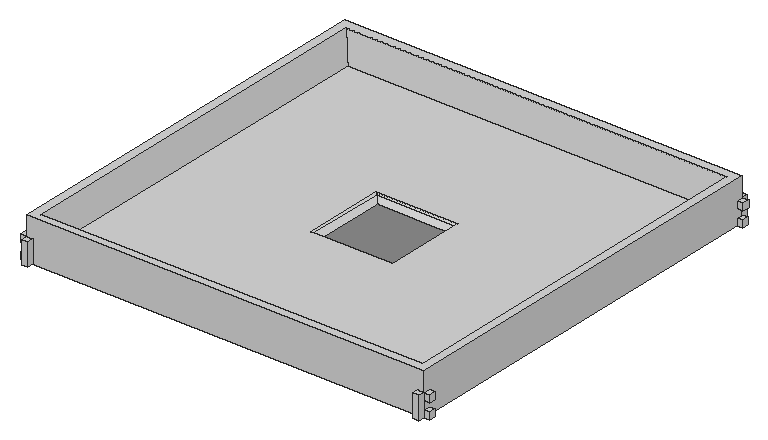
Revit family "BLOX", category Lighting Fixtures, host Face, Revit 2019
Family settings
  Host = Face
  Round Connector Dimension = Use Diameter
  Part Type = Normal
  OmniClass Number = 23.80.70.11
  OmniClass Title = Luminaries for Internal Lighting
  Cut with Voids When Loaded = No
  Light Source = Yes
  Shared = No
  Room Calculation Point = No
Parameters (values of type "PL18806-001A 4INCH FLD Flush AID FnRpt.ies")
  Wattage Comments = ""
  Wattage = 9.2903 W
  built-in parameter 1150110 = 1 (stored number, unit not read)
  Voltage = 120 V
  URL = "https://www.aronlighting.com/"
  Type Comments = ""
  Tye Mark = ""
  built-in parameter 1114217 = 1 (stored number, unit not read)
  Tilt Angle = 90.00°
  built-in parameter 1150109 = 1 (stored number, unit not read)
  built-in parameter 1150134 = 3
  built-in parameter 1150113 = 1 (stored number, unit not read)
  Photometric Web File = "PL18806-001A 4INCH FLD Flush AID FnRpt.ies"
  Phone = "(484) 681-5687"
  Number Of Pole = 1
  Model = "BLOX"  # constant formula
  Manufacturer = "ARON LIGHTING®"
  built-in parameter 1150105 = -397623.5 (stored number, unit not read)
  Lumens = 1380 lm
  built-in parameter 1150115 = 1 (stored number, unit not read)
  built-in parameter 1150137 = (empty or 0)
  built-in parameter 1150139 = (empty or 0)
  Light Box Width = 23.75"  # constant formula
  Light Box Length = 23.75"  # constant formula
  built-in parameter 1150112 = 1 (stored number, unit not read)
  built-in parameter 1150114 = 1 (stored number, unit not read)
  built-in parameter 1150132 = (empty or 0)
  built-in parameter 1150102 = (empty or 0)
  built-in parameter 1150107 = 3200 (stored number, unit not read)
  built-in parameter 1150138 = (empty or 0)
  Illuminated Surface Material = Light
  Lamp = ""
  Keynote = ""
  built-in parameter 1150106 = -3976.2 (stored number, unit not read)
  Housing Material = Standard
  Fax = ""
  Emit from Rectangle Width = 4.00"
  Emit from Rectangle Length = 4.00"
  Emit Shape Visible in Rendering = no
  built-in parameter 1150104 = 13.8 (stored number, unit not read)
  EMAIL = "info@aronlighting.com"
  Dimming Lamp Color Temperature Shift = <None>
  Description = ""
  Default Elevation = 48.00"
  Cost = 0
  Copyright = "© 2020 ARON Lighting"
  Color Filter = 16777215
  built-in parameter 1114218 = 1 (stored number, unit not read)
  built-in parameter 1150133 = 10 (stored number, unit not read)
  Assembly Code = ""
  Apparent Load = 3 VA
Types (3): name | Photometric Web File
  PL18806-001A 4INCH FLD Flush AID FnRpt.ies | "PL18806-001A 4INCH FLD Flush AID FnRpt.ies"
  PL18804-001A 2in FLD Regressed AID FnRpt | "PL18804-001A 2in FLD Regressed AID FnRpt.ies"
  PL18805-001A 4in FLD Regressed AID FnRpt | "PL18805-001A 4in FLD Regressed AID FnRpt.ies"
Reference planes (in)
  plane 1 "Center (Front/Back)": y = 0
  plane 2: z = 0
  plane 3 "Center (Left/Right)": x = -0.09552
  plane 4: x = -12.09552
  plane 5: x = 11.90448
  plane 6: y = -12
  plane 7: y = 12
Forms (in)
  Extrusion 1, void
    sketch origin (0, 0, 0) x (1, 0, 0) y (0, 1, 0)
      loop
        line (-12.07486, -11.97538) -> (11.87514, -11.97538) -> (11.87514, 11.97538) -> (-12.07486, 11.97538) -> (-12.07486, -11.97538)
    from -19.53718 to 0.76884
  Sweep 2, solid, material "Standard" <- "Housing Material"
    path origin (0, 0, 1.1) x (1, 0, 0) y (0, 1, 0)
      loop
        line (-11.36486, -11.26538) -> (11.16514, -11.26538) -> (11.16514, 11.26462) -> (-11.36486, 11.26462) -> (-11.36486, -11.26538)
    profile origin (-11.36486, -0.00038, 1.1) x (-1, 0, 0) y (0, 0, 1)
      loop
        line (0.235, 0) -> (-0.24447, 0) -> (-0.62878, -1.66464) -> (-8.905, -1.66464) -> (-8.98598, -1.74562) -> (-0.27801, -1.74562) -> (-0.1275, -1.0937) -> (-0.1275, -2.4) -> (0.235, -2.4) -> (0.235, 0)
  Extrusion 3, solid, material "Standard" <- "Housing Material"
    sketch origin (0, 0, 1.1) x (1, 0, 0) y (0, 1, 0)
      loop
        line (-11.94986, -11.13788) -> (-11.94986, -11.50038) -> (-11.59986, -11.50038) -> (-11.59986, -11.13788) -> (-11.94986, -11.13788)
    from -1.5 to -1.1
  Extrusion 4, solid, material "Standard" <- "Housing Material"
    sketch origin (-23.44973, -23.25076, 1.1) x (-1, 0, 0) y (0, -1, 0)
      loop
        line (-12.21236, -11.40038) -> (-12.21236, -11.74716) -> (-11.84986, -11.74716) -> (-11.84986, -11.40038) -> (-12.21236, -11.40038)
    from -2.4 to -1.1
  Extrusion 5, solid, material "Light" <- "Illuminated Surface Material"
    sketch origin (0, 0, 1.1) x (1, 0, 0) y (0, 1, 0)
      loop
        line (-2.09986, 1.99962) -> (-2.09986, -2.00038) -> (1.90014, -2.00038) -> (1.90014, 1.99962) -> (-2.09986, 1.99962)
    from -2.02464 to -2.06207
  Sweep 6, solid, material "Standard" <- "Housing Material"
    path origin (0, 0, 1.1) x (1, 0, 0) y (0, 1, 0)
      loop
        line (-11.36486, -11.26538) -> (11.16514, -11.26538) -> (11.16514, 11.26462) -> (-11.36486, 11.26462) -> (-11.36486, -11.26538)
    profile origin (-11.36486, -0.00038, 1.1) x (-1, 0, 0) y (0, 0, 1)
      loop
        line (-8.905, -1.66464) -> (-9.265, -2.02464) -> (-0.62878, -2.02464) -> (-0.62878, -1.66464) -> (-8.905, -1.66464)
  Extrusion 7, solid, material "Standard" <- "Housing Material"
    sketch origin (0, 0, 0.2) x (1, 0, 0) y (0, 1, 0)
      loop
        line (-11.94986, -11.13788) -> (-11.94986, -11.50038) -> (-11.59986, -11.50038) -> (-11.59986, -11.13788) -> (-11.94986, -11.13788)
    from -1.5 to -1.1
  Extrusion 8, solid, material "Standard" <- "Housing Material"
    sketch origin (0, 0, 1.1) x (1, 0, 0) y (0, 1, 0)
      loop
        line (-11.94986, 11.13788) -> (-11.59986, 11.13788) -> (-11.59986, 11.50038) -> (-11.94986, 11.50038) -> (-11.94986, 11.13788)
    from -1.5 to -1.1
  Extrusion 9, solid, material "Standard" <- "Housing Material"
    sketch origin (-23.44973, 23.25076, 1.1) x (-1, 0, 0) y (0, -1, 0)
      loop
        line (-12.21236, 11.40038) -> (-11.84986, 11.40038) -> (-11.84986, 11.74716) -> (-12.21236, 11.74716) -> (-12.21236, 11.40038)
    from -2.4 to -1.1
  Extrusion 10, solid, material "Standard" <- "Housing Material"
    sketch origin (0, 0, 0.2) x (1, 0, 0) y (0, 1, 0)
      loop
        line (-11.94986, 11.13788) -> (-11.59986, 11.13788) -> (-11.59986, 11.50038) -> (-11.94986, 11.50038) -> (-11.94986, 11.13788)
    from -1.5 to -1.1
  Extrusion 11, solid, material "Standard" <- "Housing Material"
    sketch origin (-0.19105, 0, 1.1) x (-1, 0, 0) y (0, -1, 0)
      loop
        line (-11.94986, 11.13788) -> (-11.59986, 11.13788) -> (-11.59986, 11.50038) -> (-11.94986, 11.50038) -> (-11.94986, 11.13788)
    from -1.5 to -1.1
  Extrusion 12, solid, material "Standard" <- "Housing Material"
    sketch origin (23.25868, -23.25076, 1.1) x (1, 0, 0) y (0, 1, 0)
      loop
        line (-12.21236, 11.40038) -> (-11.84986, 11.40038) -> (-11.84986, 11.74716) -> (-12.21236, 11.74716) -> (-12.21236, 11.40038)
    from -2.4 to -1.1
  Extrusion 13, solid, material "Standard" <- "Housing Material"
    sketch origin (-0.19105, 0, 0.2) x (-1, 0, 0) y (0, -1, 0)
      loop
        line (-11.94986, 11.13788) -> (-11.59986, 11.13788) -> (-11.59986, 11.50038) -> (-11.94986, 11.50038) -> (-11.94986, 11.13788)
    from -1.5 to -1.1
  Extrusion 14, solid, material "Standard" <- "Housing Material"
    sketch origin (-0.19105, 0, 1.1) x (-1, 0, 0) y (0, -1, 0)
      loop
        line (-11.94986, -11.13788) -> (-11.94986, -11.50038) -> (-11.59986, -11.50038) -> (-11.59986, -11.13788) -> (-11.94986, -11.13788)
    from -1.5 to -1.1
  Extrusion 15, solid, material "Standard" <- "Housing Material"
    sketch origin (23.25868, 23.25076, 1.1) x (1, 0, 0) y (0, 1, 0)
      loop
        line (-12.21236, -11.40038) -> (-12.21236, -11.74716) -> (-11.84986, -11.74716) -> (-11.84986, -11.40038) -> (-12.21236, -11.40038)
    from -2.4 to -1.1
  Extrusion 16, solid, material "Standard" <- "Housing Material"
    sketch origin (-0.19105, 0, 0.2) x (-1, 0, 0) y (0, -1, 0)
      loop
        line (-11.94986, -11.13788) -> (-11.94986, -11.50038) -> (-11.59986, -11.50038) -> (-11.59986, -11.13788) -> (-11.94986, -11.13788)
    from -1.5 to -1.1
Lines and regions (in)
  reference lines
    curve 1: line (-12.09552, 12, 0) -> (11.90448, 12, 0)
    curve 2: line (11.90448, 12, 0) -> (11.90448, -12, 0)
    curve 3: line (11.90448, -12, 0) -> (-12.09552, -12, 0)
    curve 4: line (-12.09552, -12, 0) -> (-12.09552, 12, 0)
Dimensions and locks (in)
  plane 7 to plane 1 "Center (Front/Back)" to plane 6 = 12.00", 12.00"
  plane 4 to plane 3 "Center (Left/Right)" to plane 5 = 12.00", 12.00"
  aligned and locked: host face to plane 2
  aligned and locked: host face to level
Connectors (in)
  electrical at (11.40014, -0.00038, -0.1)
    settings: on Sweep 2, index 1, voltage 0 V, apparent load 0 VA, apparent load phase1 0 VA, apparent load phase2 0 VA, apparent load phase3 0 VA, power factor 1, load classification "Other", number of poles 1, system type 31, power factor state 1, is connector primary yes, connector utility no, sub classification motor no, connector description ""
